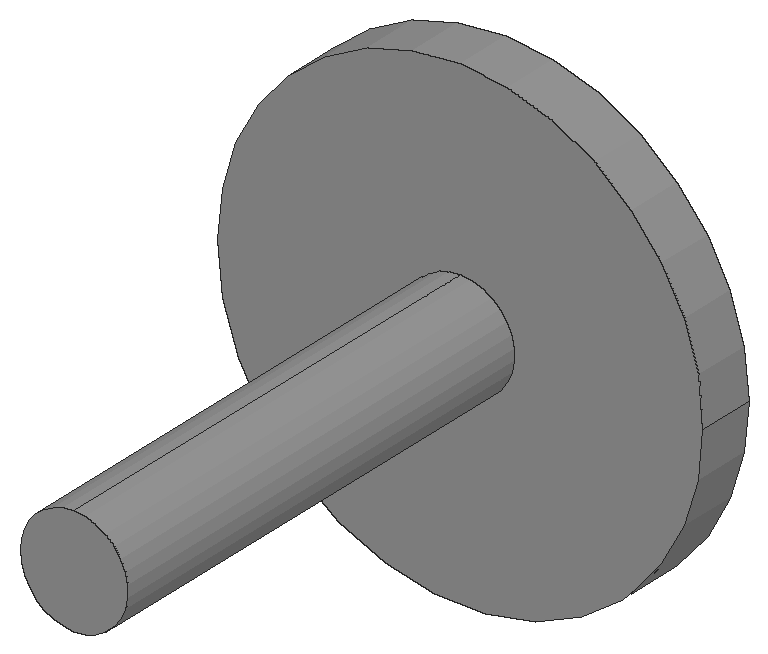
Revit family "KEUCO_51689010100", category Sonderausstattung, Revit 2016
Family settings
  Teiletyp = Normal
  Bemaßung runder Anschluss = Durchmesser verwenden
  OmniClass-Nummer = 23.45.05.00
  Arbeitsebenenbasiert = Nein
  Immer vertikal = Ja
  Beim Laden mit Abzugskörper schneiden = Nein
  Gemeinsam genutzt = Nein
  Raumberechnungspunkt = Nein
Parameters (values of type "51689010100")
  Verwendung = "DU / WA"  # constant formula
  URL = "https://www.keuco.com/de/produkte/sortiment/artikel/?pid=51689&oid=11&pgo=1&country=de&lang=de&vid=51689010100"
  Preisgruppe = "1"  # constant formula
  Material Wasserhahn [instance] = Stahl, verchromt
  Serie = "Elegance"  # constant formula
  Materialien bei Hersteller anfragen = "Anfrage zu:  objektmanagement@keuco.de"
  Kategorie = "ARM"  # constant formula
  Hersteller = "KEUCO"  # constant formula
  Gewicht = 9.4
  Beschreibung = "für Deckenanschluß G 1/2, mit runder Rosette"
  Ausschreibungstext = "KEUCO Brausearm für Deckenanschluss    51689010100 \r\nhochglanzverchromter Brausearm für Deckenanschluss,\r\nG 1/2, mit runder Rosette, Durchmesser 60 mm\r\nAusladung:100 mm"
  Artikelnummer = "51689010100"
  Armelänge = 100 mm
  ViereckBase = no
  KreisBase = yes
Types (2, lengths in mm): name | URL | Materialien bei Hersteller anfragen | Gewicht | Ausschreibungstext | Artikelnummer | Armelänge
  51689010300 | "https://www.keuco.com/de/produkte/sortiment/artikel/?pid=51689&oid=11&pgo=1&country=de&lang=de&vid=51689010300" | "Request to:  objektmanagement@keuco.de" | 1.37 | "KEUCO Brausearm für Deckenanschluss 51689010300 \r\nHochglanzverchromter Brausearm für Deckenanschluss,\r\nG 1/2, mit runder Rosette, \r\nDurchmesser der Rosette 80 mm,\r\nMöglichkeit zur Ausrichtung zur Wand (90° ± 2°) und \r\nzum Wandanschluss (90° ± 5°),\r\nAusladung:300 mm\r\n\r\nHinweis:\r\nPassende UP Funktionseinheit\r\n59547000170" | "51689010300" | 300
  51689010100 | "https://www.keuco.com/de/produkte/sortiment/artikel/?pid=51689&oid=11&pgo=1&country=de&lang=de&vid=51689010100" | "Anfrage zu:  objektmanagement@keuco.de" | 9.4 | "KEUCO Brausearm für Deckenanschluss    51689010100 \r\nhochglanzverchromter Brausearm für Deckenanschluss,\r\nG 1/2, mit runder Rosette, Durchmesser 60 mm\r\nAusladung:100 mm" | "51689010100" | 100
Reference planes
  plane 1 "Center (Front/Back)": y = 0
  plane 2: z = 0
  plane 3 "Center (Left/Right)": x = 0
  plane 4: y = -100
  plane 5: z = -43.174
Forms (mm)
  Extrusion 1, solid, material "Stahl, verchromt" <- "Material Wasserhahn"
    sketch origin (0, 0, 0) x (1, 0, 0) y (0, 0, 1)
      loop
        circle (0, 0) r 45
    from 0 to 10.491
  Sweep 2, solid, material "Stahl, verchromt" <- "Material Wasserhahn"
    path origin (0, 0, 0) x (0, 1, 0) y (0, 0, 1)
      loop
        line (-10.491, 0) -> (-100, 0)
    profile origin (0, -55.246, 0) x (0, 0, -1) y (1, 0, 0)
      loop
        circle (0, 0) r 10
Dimensions and locks
  locked: plane 1 "Center (Front/Back)" to Extrusion 1 at 10.491
  "Armelänge": plane 1 "Center (Front/Back)" to plane 4
  level to plane 5 = 43.174 mm
  aligned and locked: level to plane 2
  aligned and locked: Sweep 2 sketch curve to level
  aligned and locked: Extrusion 1 to Sweep 2 sketch curve
Automatic sketch dimensions
  Extrusion 1 sketch curve to level = 0 mm
  Extrusion 1 sketch curve to plane 3 "Center (Left/Right)" = 0 mm
  Sweep 2 sketch curve to plane 3 "Center (Left/Right)" = 0 mm
  Sweep 2 sketch curve to profile plane = 0 mm
  Sweep 2 sketch curve to plane 4 = 0 mm
  radius of Extrusion 1 sketch curve = 45 mm
  radius of Sweep 2 sketch curve = 10 mm
